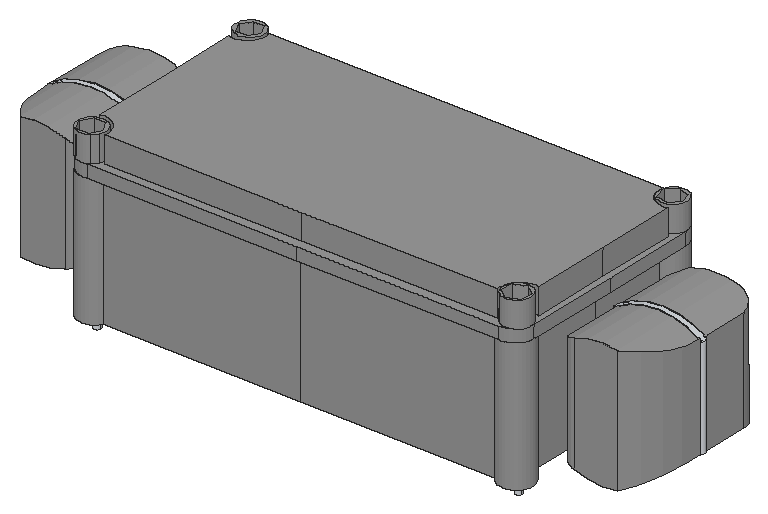
Revit family "LWP2LIFE-PRO-WPPOD-HV-BLK", category Lighting Fixtures, host Face, Revit 2020
Family settings
  Host = Face
  Round Connector Dimension = Use Diameter
  Part Type = Normal
  OmniClass Number = 23.80.70.11.21
  OmniClass Title = Emergency Lighting
  Cut with Voids When Loaded = No
  Light Source = Yes
  Shared = No
  Room Calculation Point = No
Parameters
  built-in parameter 1150107 = 3200 (stored number, unit not read)
  Straight line 'Face two' = no
  Straight line 'Face one' = no
  Straight line = no
  Runing Man common arrow = no
  Wattage = 9.2903 W
  built-in parameter 1150110 = 1 (stored number, unit not read)
  built-in parameter 1150109 = 1 (stored number, unit not read)
  built-in parameter 1114218 = 1 (stored number, unit not read)
  built-in parameter 1150113 = 1 (stored number, unit not read)
  built-in parameter 1150112 = 1 (stored number, unit not read)
  built-in parameter 1150137 = (empty or 0)
  built-in parameter 1150132 = (empty or 0)
  Model = ""
  Material = Clevertronics_White
  built-in parameter 1150105 = 316.49 (stored number, unit not read)
  built-in parameter 1150102 = (empty or 0)
  Dimming Lamp Color Temperature Shift = (empty or 0)
  Lumens = 1380 lm
  Color Filter = 16777215
  Photometric Web File = "CWP2LIFE-PRO-WPPOD_IESR_E_669-3_20180810.ies"
  built-in parameter 1114217 = 1 (stored number, unit not read)
  built-in parameter 1150139 = (empty or 0)
  Manufacturer = "Clevertronics"  # constant formula
  Lamp = "Twin Dual LED (Lifetime warranty on the lamp head and loom assembly)"  # constant formula
  Indication Right 'Face one' = no
  Indication Right = no
  Indication Left 'Face one' = yes
  Indication Left 'Face Two' = no
  Indication Left = yes
  built-in parameter 1150104 = 13.8 (stored number, unit not read)
  built-in parameter 1150106 = 3.1649 (stored number, unit not read)
  built-in parameter 1150115 = 1 (stored number, unit not read)
  built-in parameter 1150114 = 1 (stored number, unit not read)
  Description = "L10 Optimum Lifelight Pro, High Performance, IP66/67 Surface Mounted \r\nEmergency Light with Twin LED Pods, Black\r"  # constant formula
  Default Elevation = 2100 mm
  built-in parameter 1150138 = (empty or 0)
  built-in parameter 1150134 = 3
  Clevertronics_Weight = "3.4kg"  # constant formula
  Clevertronics_Testing System = "Zoneworks XT HIVE (RF)"  # constant formula
  Clevertronics_Replacement Lamp = "2750353"  # constant formula
  Clevertronics_Replacement Battery = "1530050:Battery, L10 3.3V 2500mAh 70mm lead, no Bracket"  # constant formula
  Clevertronics_Product Description = "L10 Optimum Lifelight Pro, High Performance, IP66/67 Surface Mounted \r\nEmergency Light with Twin LED Pods, Black\r"  # constant formula
  Clevertronics_Power Consumption = "0.8 Watts (Standby), 5.5 Watts (Max)"  # constant formula
  Clevertronics_Part Number = "LWP2LIFE-PRO-WPPOD-HV-BLK"  # constant formula
  Clevertronics_Operating Voltage = "240V AC; 50Hz"  # constant formula
  Clevertronics_Operating Temperature = "0˚C to 40˚C"  # constant formula
  Clevertronics_Operating Mode = "Non-maintained"  # constant formula
  Clevertronics_Mounting = "Surface mount"  # constant formula
  Clevertronics_MIC Number = "AUT01820160001\r"  # constant formula
  Clevertronics_IP Rating = "IP65"  # constant formula
  Clevertronics_Dimensions Main Enclosure = "520mm x 180mm x 135mm"  # constant formula
  Clevertronics_Dimensions LED Enclosure = ""
  Clevertronics_Construction = "Polycarbonate"  # constant formula
  Clevertronics_Charger Method = "Intelligent current limited constant voltage"  # constant formula
  Clevertronics_Battery Type = "Lithium Iron Phosphate"  # constant formula
  Clevertronics_Battery = "3.3V 2500mAh"  # constant formula
  Clevertronics_AS2293 Classification = "C0=D160 C90=D160"  # constant formula
  Tilt Angle = -60.00°
  built-in parameter 1150133 = 10 (stored number, unit not read)
Reference planes
  plane 1 "Centre (Front/Back)": y = 0
  plane 2: z = 0
  plane 3 "Centre (Left/Right)": x = 0
  plane 4: x = -260
  plane 5: x = 260
  plane 6: x = -180
  plane 7: x = 180
  plane 8: z = 135
  plane 9: z = 88.893
  plane 10: z = 90.032
  plane 11: z = 90.032
  plane 12: x = -226.351
  plane 13: y = 72.701
  plane 14: x = 226.351
  plane 15: y = 72.701
  plane 16: y = 36.567
  plane 17: y = 36.055
  plane 18: y = 36.055
  plane 19: x = -226.351
  plane 20: z = 62.299
  plane 21: x = 226.351
  plane 22: z = 62.299
Forms (mm)
  Extrusion 1, solid, material "Plastic, Opaque Black", not visible
    sketch origin (0.434, 0, -1.107) x (1, 0, 0) y (0, 0, 1)
      loop
        line (167.5, 90) -> (167.5, 153.759)
        arc (167.5, 153.759) -> (176.678, 174.399) -> (154.099, 173.75) r 13.346
        line (154.099, 173.75) -> (0, 173.75) -> (-157.642, 173.75)
        arc (-157.642, 173.75) -> (-180.146, 174.512) -> (-171.312, 153.801) r 13.346
        line (-171.312, 153.801) -> (-171.312, 90) -> (-171.312, 26.597)
        arc (-171.312, 26.597) -> (-181.17, 6.239) -> (-158.551, 6.25) r 13.346
        line (-158.551, 6.25) -> (0, 6.25) -> (154.099, 6.25)
        arc (154.099, 6.25) -> (176.678, 5.601) -> (167.5, 26.241) r 13.346
        line (167.5, 26.241) -> (167.5, 90)
    from -15.011 to -135
  Extrusion 2, solid, material "Plastic, Opaque Black", not visible
    sketch origin (0.813, 0, -0.543) x (1, 0, 0) y (0, 0, 1)
      loop
        arc (-175.488, 179.053) -> (-180.882, 174.233) -> (-183.423, 167.462) r 15.135
        arc (-183.423, 167.462) -> (-160.983, 160.611) -> (-175.488, 179.053) r 12.295
    from -15.011 to 0
  Extrusion 3, void, not visible
    sketch origin (-0.097, 0, 0.032) x (1, 0, 0) y (0, 0, 1)
      loop
        line (-166.821, 177.777) -> (-177.974, 174.788) -> (-180.963, 163.635) -> (-172.798, 155.47) -> (-161.644, 158.458) -> (-158.656, 169.612) -> (-166.821, 177.777)
    from -15.011 to 0
  Extrusion 4, solid, not visible
    sketch origin (-0.097, 0, 0.032) x (1, 0, 0) y (0, 0, 1)
      loop
        circle (168.404, 167.557) r 2.735
      loop
        circle (-168.404, 167.557) r 2.735
      loop
        circle (-168.404, 12.443) r 2.735
      loop
        circle (168.404, 12.443) r 2.735
    from -143.943 to -121.835
  Extrusion 5, solid, material "Plastic, Opaque Black", not visible
    sketch origin (1.371, 12.5, 0.032) x (0, 1, 0) y (0, 0, -1)
      loop
        circle (59.358, -90) r 11
    from 172.249 to 196.249
  Extrusion 6, solid, material "Plastic, Opaque Black", not visible
    sketch origin (-1.566, 12.5, 0.032) x (0, 1, 0) y (0, 0, 1)
      loop
        circle (59.358, 90) r 11
    from 172.249 to 196.249
  Extrusion 7, solid, material "Plastic, Opaque Black", not visible
    sketch origin (2.403, 135, 0.032) x (1, 0, 0) y (0, 0, -1)
      loop
        line (-182.781, -90) -> (-182.781, -165)
        arc (-182.781, -165) -> (-177.609, -176.393) -> (-165.629, -180) r 15.135
        line (-165.629, -180) -> (0, -180) -> (160.445, -180)
        arc (160.445, -180) -> (172.426, -176.393) -> (177.597, -165) r 15.135
        line (177.597, -165) -> (177.597, -90) -> (177.597, -13.75)
        arc (177.597, -13.75) -> (170.627, -1.006) -> (156.137, 0) r 15.135
        line (156.137, 0) -> (0, 0) -> (-161.321, 0)
        arc (-161.321, 0) -> (-175.811, -1.006) -> (-182.781, -13.75) r 15.135
        line (-182.781, -13.75) -> (-182.781, -90)
    from -119.989 to -108.841
  Extrusion 8, solid, material "Plastic, Opaque Black", not visible
    sketch origin (-0.097, 135, 0.032) x (1, 0, 0) y (0, 0, -1)
      loop
        arc (-175.137, -154.19) -> (-160.832, -158.237) -> (-157.036, -172.61) r 15
        line (-157.036, -172.61) -> (0.531, -172.61) -> (157.036, -172.61)
        arc (157.036, -172.61) -> (160.832, -158.237) -> (175.137, -154.19) r 15
        line (175.137, -154.19) -> (175.137, -90) -> (175.137, -25.81)
        arc (175.137, -25.81) -> (160.832, -21.763) -> (157.036, -7.39) r 15
        line (157.036, -7.39) -> (0.531, -7.39) -> (-157.036, -7.39)
        arc (-157.036, -7.39) -> (-160.832, -21.763) -> (-175.137, -25.81) r 15
        line (-175.137, -25.81) -> (-175.137, -90) -> (-175.137, -154.19)
    from -119.989 to -127.534
  Extrusion 9, solid, material "Plastic, Opaque Black", not visible
    sketch origin (307.03, 135, -15.069) x (1, 0, 0) y (0, 0, -1)
      loop
        circle (-138.804, -182.699) r 11
    from -135 to -114.915
  Extrusion 10, solid, material "Plastic, Opaque Black", not visible
    sketch origin (306.874, 135, 193.571) x (1, 0, 0) y (0, 0, -1)
      loop
        arc (-145.569, 191.608) -> (-147.471, 189.713) -> (-149.008, 187.511) r 15.135
        arc (-149.008, 187.511) -> (-130.225, 175.235) -> (-145.569, 191.608) r 11.3
    from -135 to -114.915
  Extrusion 11, solid, material "Plastic, Opaque Black", not visible
    sketch origin (-307.068, 135, 193.571) x (-1, 0, 0) y (0, 0, 1)
      loop
        arc (-143.85, -191.764) -> (-127.42, -174.478) -> (-147.289, -187.668) r 12
        arc (-147.289, -187.668) -> (-145.752, -189.869) -> (-143.85, -191.764) r 15.135
    from -135 to -114.915
  Extrusion 12, void, not visible
    sketch origin (-0.097, 134.989, 0.032) x (1, 0, 0) y (0, 0, -1)
      loop
        line (-170.288, -22.701) -> (-160.288, -16.928) -> (-160.288, -5.381) -> (-170.288, 0.393) -> (-180.288, -5.381) -> (-180.288, -16.928) -> (-170.288, -22.701)
    from -134.989 to -119.989
  Extrusion 13, void, not visible
    sketch origin (-0.41, 134.989, 0.032) x (1, 0, 0) y (0, 0, -1)
      loop
        line (159.928, -173.668) -> (169.806, -178.066) -> (178.34, -171.865) -> (177.21, -161.112) -> (167.573, -156.821) -> (158.825, -163.177) -> (159.928, -173.668)
    from -135 to -119.989
  Extrusion 14, void, not visible
    sketch origin (-0.41, 135, -0.28) x (1, 0, 0) y (0, 0, -1)
      loop
        line (164.895, -21.167) -> (175.272, -19.338) -> (178.876, -9.435) -> (172.103, -1.363) -> (161.725, -3.193) -> (158.121, -13.095) -> (164.895, -21.167)
    from -135 to -119.989
  Extrusion 15, solid, material "Glass, Matte", not visible
    sketch origin (0.05, 0, -33.75) x (1, 0, 0) y (0, 0, 1)
      loop
        line (-194.841, 112.413) -> (-259.656, 112.413)
        arc (-259.656, 112.413) -> (-254.739, 82.736) -> (-238.501, 57.413) r 74.597
        line (-238.501, 57.413) -> (-203.501, 57.413)
        arc (-203.501, 57.413) -> (-198.345, 58.484) -> (-194.841, 62.413) r 8.399
        line (-194.841, 62.413) -> (-194.841, 112.413)
    from -21.055 to -124.118
  Extrusion 16, solid, not visible
    sketch origin (5.003, 0, -33.75) x (1, 0, 0) y (0, 0, 1)
      loop
        line (-264.82, 112.376) -> (-231.354, 112.376) -> (-197.548, 112.376)
        arc (-197.548, 112.376) -> (-194.969, 114.978) -> (-197.593, 117.534) r 2.579
        line (-197.593, 117.534) -> (-231.354, 117.534) -> (-264.774, 117.534)
        arc (-264.774, 117.534) -> (-267.398, 114.978) -> (-264.82, 112.376) r 2.579
    from -21.055 to -124.118
  Extrusion 17, solid, material "Plastic, Opaque Black", not visible
    sketch origin (-455.196, 0, 195.355) x (-0.999987, 0, -0.005135) y (0.005135, 0, -0.999987)
      loop
        line (-194.841, 112.773) -> (-259.656, 112.773) -> (-259.656, 73.919)
        arc (-259.656, 73.919) -> (-256.152, 64.124) -> (-247.229, 58.775) r 15.441
        line (-247.229, 58.775) -> (-211.129, 58.775)
        arc (-211.129, 58.775) -> (-200.008, 63.146) -> (-194.841, 73.919) r 16.331
        line (-194.841, 73.919) -> (-194.841, 112.773)
    from -21.055 to -124.118
  Extrusion 18, void, not visible
    sketch origin (-0.163, 0.115, 0) x (-1, 0, 0) y (0, -1, 0)
      loop
        line (187.287, -133.323) -> (264.787, -133.323) -> (264.787, -110.324)
        arc (264.787, -110.324) -> (226.037, -123.825) -> (187.287, -110.324) r 62.361
        line (187.287, -110.324) -> (187.287, -133.323)
      loop
        line (187.287, -11.851) -> (187.287, -34.849)
        arc (187.287, -34.849) -> (226.037, -21.348) -> (264.787, -34.849) r 62.361
        line (264.787, -34.849) -> (264.787, -11.851) -> (187.287, -11.851)
    from 0 to 250
  Extrusion 19, solid, material "Glass, Matte", not visible
    sketch origin (-0.05, 0, -33.75) x (-1, 0, 0) y (0, 0, -1)
      loop
        line (-194.841, -112.413) -> (-194.841, -62.413)
        arc (-194.841, -62.413) -> (-198.345, -58.484) -> (-203.501, -57.413) r 8.399
        line (-203.501, -57.413) -> (-238.501, -57.413)
        arc (-238.501, -57.413) -> (-254.739, -82.736) -> (-259.656, -112.413) r 74.597
        line (-259.656, -112.413) -> (-194.841, -112.413)
    from -21.055 to -124.118
  Extrusion 20, solid, not visible
    sketch origin (-5.003, 0, -33.75) x (-1, 0, 0) y (0, 0, -1)
      loop
        arc (-264.82, -112.376) -> (-267.398, -114.978) -> (-264.774, -117.534) r 2.579
        line (-264.774, -117.534) -> (-231.354, -117.534) -> (-197.593, -117.534)
        arc (-197.593, -117.534) -> (-194.969, -114.978) -> (-197.548, -112.376) r 2.579
        line (-197.548, -112.376) -> (-231.354, -112.376) -> (-264.82, -112.376)
    from -21.055 to -124.118
  Extrusion 21, solid, material "Plastic, Opaque Black", not visible
    sketch origin (455.196, 0, 195.355) x (0.999987, 0, -0.005135) y (0.005135, 0, 0.999987)
      loop
        line (-194.841, -112.773) -> (-194.841, -73.919)
        arc (-194.841, -73.919) -> (-200.008, -63.146) -> (-211.129, -58.775) r 16.331
        line (-211.129, -58.775) -> (-247.229, -58.775)
        arc (-247.229, -58.775) -> (-256.152, -64.124) -> (-259.656, -73.919) r 15.441
        line (-259.656, -73.919) -> (-259.656, -112.773) -> (-194.841, -112.773)
    from -21.055 to -124.118
  Extrusion 22, void, not visible
    sketch origin (0.163, 0.115, 0) x (1, 0, 0) y (0, 1, 0)
      loop
        line (187.287, 133.323) -> (187.287, 110.324)
        arc (187.287, 110.324) -> (226.037, 123.825) -> (264.787, 110.324) r 62.361
        line (264.787, 110.324) -> (264.787, 133.323) -> (187.287, 133.323)
      loop
        line (187.287, 11.851) -> (264.787, 11.851) -> (264.787, 34.849)
        arc (264.787, 34.849) -> (226.037, 21.348) -> (187.287, 34.849) r 62.361
        line (187.287, 34.849) -> (187.287, 11.851)
    from 0 to 250
  Extrusion 23, solid, material "Laminate, Black"
    sketch origin (0.434, -53.433, 135) x (1, 0, 0) y (0, 1, 0)
      loop
        line (167.5, 90) -> (167.5, 153.759)
        arc (167.5, 153.759) -> (176.678, 174.399) -> (154.099, 173.75) r 13.346
        line (154.099, 173.75) -> (0, 173.75) -> (-157.642, 173.75)
        arc (-157.642, 173.75) -> (-180.146, 174.512) -> (-171.312, 153.801) r 13.346
        line (-171.312, 153.801) -> (-171.312, 90) -> (-171.312, 26.597)
        arc (-171.312, 26.597) -> (-181.17, 6.239) -> (-158.551, 6.25) r 13.346
        line (-158.551, 6.25) -> (0, 6.25) -> (154.831, 6.25)
        arc (154.831, 6.25) -> (177.612, 5.91) -> (167.5, 26.326) r 13.346
        line (167.5, 26.326) -> (167.5, 90)
    from -30 to -135
  Extrusion 24, solid
    sketch origin (-0.097, -52.294, 135) x (1, 0, 0) y (0, 1, 0)
      loop
        circle (168.404, 167.557) r 2.735
      loop
        circle (-168.404, 167.557) r 2.735
      loop
        circle (-168.404, 12.443) r 2.735
      loop
        circle (168.404, 12.443) r 2.735
    from -143.943 to -130
  Extrusion 25, solid, material "Laminate, Black"
    sketch origin (1.371, -52.294, 122.5) x (0, 0, -1) y (0, -1, 0)
      loop
        circle (59.358, -90) r 11
    from 172.249 to 196.249
  Extrusion 26, solid, material "Laminate, Black"
    sketch origin (-1.566, -52.294, 122.5) x (0, 0, -1) y (0, 1, 0)
      loop
        circle (59.358, 90) r 11
    from 172.249 to 196.249
  Extrusion 27, solid, material "Laminate, Black"
    sketch origin (2.343, 126.055, 246.281) x (1, 0, 0) y (0, 1, 0)
      loop
        line (-185.208, -90) -> (-185.208, -165)
        arc (-185.208, -165) -> (-180.037, -176.393) -> (-168.056, -180) r 15.135
        line (-168.056, -180) -> (0, -180) -> (160.445, -180)
        arc (160.445, -180) -> (172.426, -176.393) -> (177.597, -165) r 15.135
        line (177.597, -165) -> (177.597, -90) -> (177.597, -13.75)
        arc (177.597, -13.75) -> (170.627, -1.006) -> (156.137, 0) r 15.135
        line (156.137, 0) -> (0, 0) -> (-163.748, 0)
        arc (-163.748, 0) -> (-178.239, -1.006) -> (-185.208, -13.75) r 15.135
        line (-185.208, -13.75) -> (-185.208, -90)
    from -131.343 to -141.343
  Extrusion 28, solid, material "Laminate, Black"
    sketch origin (-0.157, 126.055, 251.281) x (1, 0, 0) y (0, 1, 0)
      loop
        arc (-175.137, -154.19) -> (-160.832, -158.237) -> (-157.036, -172.61) r 15
        line (-157.036, -172.61) -> (0.531, -172.61) -> (157.036, -172.61)
        arc (157.036, -172.61) -> (160.832, -158.237) -> (175.137, -154.19) r 15
        line (175.137, -154.19) -> (175.137, -90) -> (175.137, -25.81)
        arc (175.137, -25.81) -> (160.832, -21.763) -> (157.036, -7.39) r 15
        line (157.036, -7.39) -> (0.531, -7.39) -> (-157.036, -7.39)
        arc (-157.036, -7.39) -> (-160.832, -21.763) -> (-175.137, -25.81) r 15
        line (-175.137, -25.81) -> (-175.137, -90) -> (-175.137, -154.19)
    from -115.903 to -136.343
  Extrusion 29, solid, material "Laminate, Black"
    sketch origin (306.784, -67.806, 258.781) x (1, 0, 0) y (0, 1, 0)
      loop
        arc (-145.569, 191.608) -> (-147.471, 189.713) -> (-149.008, 187.511) r 15.135
        arc (-149.008, 187.511) -> (-130.225, 175.235) -> (-145.569, 191.608) r 11.3
    from -143.843 to -123.403
  Extrusion 30, solid, material "opaque"
    sketch origin (0.05, -86.076, 135) x (1, 0, 0) y (0, 1, 0)
      loop
        line (-194.841, 112.413) -> (-259.656, 112.413)
        arc (-259.656, 112.413) -> (-254.739, 82.736) -> (-238.501, 57.413) r 74.597
        line (-238.501, 57.413) -> (-203.501, 57.413)
        arc (-203.501, 57.413) -> (-198.345, 58.484) -> (-194.841, 62.413) r 8.399
        line (-194.841, 62.413) -> (-194.841, 112.413)
    from -21.055 to -124.118
  Extrusion 31, solid
    sketch origin (5.003, -86.076, 135) x (1, 0, 0) y (0, 1, 0)
      loop
        line (-264.82, 112.376) -> (-231.354, 112.376) -> (-197.548, 112.376)
        arc (-197.548, 112.376) -> (-194.969, 114.978) -> (-197.593, 117.534) r 2.579
        line (-197.593, 117.534) -> (-231.354, 117.534) -> (-264.774, 117.534)
        arc (-264.774, 117.534) -> (-267.398, 114.978) -> (-264.82, 112.376) r 2.579
    from -21.055 to -124.118
  Extrusion 32, solid, material "Laminate, Black"
    sketch origin (-455.196, 143.029, 135) x (-0.999987, -0.005135, 0) y (0.005135, -0.999987, 0)
      loop
        line (-194.841, 112.773) -> (-259.656, 112.773) -> (-259.656, 73.919)
        arc (-259.656, 73.919) -> (-256.152, 64.124) -> (-247.229, 58.775) r 15.441
        line (-247.229, 58.775) -> (-211.129, 58.775)
        arc (-211.129, 58.775) -> (-200.008, 63.146) -> (-194.841, 73.919) r 16.331
        line (-194.841, 73.919) -> (-194.841, 112.773)
    from -21.055 to -124.118
  Extrusion 33, void
    sketch origin (-0.163, -52.326, 134.885) x (-1, 0, 0) y (0, 0, 1)
      loop
        line (187.287, -133.323) -> (264.787, -133.323) -> (264.787, -110.324)
        arc (264.787, -110.324) -> (226.037, -123.825) -> (187.287, -110.324) r 62.361
        line (187.287, -110.324) -> (187.287, -133.323)
      loop
        line (187.287, -11.851) -> (187.287, -34.849)
        arc (187.287, -34.849) -> (226.037, -21.348) -> (264.787, -34.849) r 62.361
        line (264.787, -34.849) -> (264.787, -11.851) -> (187.287, -11.851)
    from 0 to 250
  Extrusion 34, solid, material "opaque"
    sketch origin (-0.05, -86.076, 135) x (-1, 0, 0) y (0, -1, 0)
      loop
        line (-194.841, -112.413) -> (-194.841, -62.413)
        arc (-194.841, -62.413) -> (-198.345, -58.484) -> (-203.501, -57.413) r 8.399
        line (-203.501, -57.413) -> (-238.501, -57.413)
        arc (-238.501, -57.413) -> (-254.739, -82.736) -> (-259.656, -112.413) r 74.597
        line (-259.656, -112.413) -> (-194.841, -112.413)
    from -21.055 to -124.118
  Extrusion 35, solid
    sketch origin (-5.003, -86.076, 135) x (-1, 0, 0) y (0, -1, 0)
      loop
        arc (-264.82, -112.376) -> (-267.398, -114.978) -> (-264.774, -117.534) r 2.579
        line (-264.774, -117.534) -> (-231.354, -117.534) -> (-197.593, -117.534)
        arc (-197.593, -117.534) -> (-194.969, -114.978) -> (-197.548, -112.376) r 2.579
        line (-197.548, -112.376) -> (-231.354, -112.376) -> (-264.82, -112.376)
    from -21.055 to -124.118
  Extrusion 36, solid, material "Laminate, Black"
    sketch origin (455.196, 143.029, 135) x (0.999987, -0.005135, 0) y (0.005135, 0.999987, 0)
      loop
        line (-194.841, -112.773) -> (-194.841, -73.919)
        arc (-194.841, -73.919) -> (-200.008, -63.146) -> (-211.129, -58.775) r 16.331
        line (-211.129, -58.775) -> (-247.229, -58.775)
        arc (-247.229, -58.775) -> (-256.152, -64.124) -> (-259.656, -73.919) r 15.441
        line (-259.656, -73.919) -> (-259.656, -112.773) -> (-194.841, -112.773)
    from -21.055 to -124.118
  Extrusion 37, void
    sketch origin (0.163, -52.326, 134.885) x (1, 0, 0) y (0, 0, -1)
      loop
        line (187.287, 133.323) -> (187.287, 110.324)
        arc (187.287, 110.324) -> (226.037, 123.825) -> (264.787, 110.324) r 62.361
        line (264.787, 110.324) -> (264.787, 133.323) -> (187.287, 133.323)
      loop
        line (187.287, 11.851) -> (264.787, 11.851) -> (264.787, 34.849)
        arc (264.787, 34.849) -> (226.037, 21.348) -> (187.287, 34.849) r 62.361
        line (187.287, 34.849) -> (187.287, 11.851)
    from 0 to 250
  Extrusion 38, solid, material "Laminate, Black"
    sketch origin (-309.716, -66.712, 251.281) x (-1, 0, 0) y (0, -1, 0)
      loop
        arc (-145.569, -191.608) -> (-130.225, -175.235) -> (-149.008, -187.511) r 11.3
        arc (-149.008, -187.511) -> (-147.471, -189.713) -> (-145.569, -191.608) r 15.135
    from -136.343 to -115.903
  Extrusion 39, solid, material "Laminate, Black"
    sketch origin (-309.56, 140.071, 251.281) x (-1, 0, 0) y (0, -1, 0)
      loop
        arc (-145.569, 191.608) -> (-147.471, 189.713) -> (-149.008, 187.511) r 15.135
        arc (-149.008, 187.511) -> (-130.225, 175.235) -> (-145.569, 191.608) r 11.3
    from -136.343 to -115.903
  Extrusion 40, solid, material "Laminate, Black"
    sketch origin (307.097, 141.165, 258.781) x (1, 0, 0) y (0, 1, 0)
      loop
        arc (-145.569, -191.608) -> (-130.225, -175.235) -> (-149.008, -187.511) r 11.3
        arc (-149.008, -187.511) -> (-147.471, -189.713) -> (-145.569, -191.608) r 15.135
    from -143.843 to -123.403
  Extrusion 41, void
    sketch origin (0.565, 0.625, -15.061) x (1, 0, 0) y (0, 1, 0)
      loop
        line (-166.454, 123.546) -> (-176.018, 123.546) -> (-180.8, 115.263) -> (-176.018, 106.98) -> (-166.454, 106.98) -> (-161.672, 115.263) -> (-166.454, 123.546)
    from 131.308 to 163.58
  Extrusion 42, void
    sketch origin (-0.528, -0.469, -7.561) x (1, 0, 0) y (0, 1, 0)
      loop
        line (158.746, 117.974) -> (161.332, 108.322) -> (170.983, 105.736) -> (178.048, 112.801) -> (175.462, 122.453) -> (165.811, 125.039) -> (158.746, 117.974)
    from 131.308 to 151.428
  Extrusion 43, void
    sketch origin (0.565, 0.938, -7.561) x (1, 0, 0) y (0, 1, 0)
      loop
        line (168.253, -32.155) -> (158.919, -36.507) -> (158.021, -46.767) -> (166.458, -52.675) -> (175.792, -48.322) -> (176.69, -38.062) -> (168.253, -32.155)
    from 131.308 to 156.891
  Extrusion 44, void
    sketch origin (-3.185, -1.771, -15.061) x (1, 0, 0) y (0, 1, 0)
      loop
        line (-172.955, -32.144) -> (-177.959, -40.812) -> (-172.955, -49.479) -> (-162.947, -49.479) -> (-157.943, -40.812) -> (-162.947, -32.144) -> (-172.955, -32.144)
    from 131.308 to 151.428
Cuts and joins
  Extrusion 33 cuts Extrusion 30
  Extrusion 33 cuts Extrusion 31
  Extrusion 33 cuts Extrusion 32
  Extrusion 37 cuts Extrusion 34
  Extrusion 37 cuts Extrusion 35
  Extrusion 37 cuts Extrusion 36
  Extrusion 41 cuts Extrusion 38
  Extrusion 42 cuts Extrusion 29
  Extrusion 43 cuts Extrusion 40
  Extrusion 44 cuts Extrusion 39
Dimensions and locks
  plane 5 to plane 4 = 520 mm
  plane 8 to level = 135 mm  (x2)
  plane 5 to plane 3 "Centre (Left/Right)" to plane 4 = 260 mm, 260 mm
  plane 6 to plane 4 = 80 mm
  plane 5 to plane 7 = 80 mm
  plane 4 to plane 5 = 520 mm
  Extrusion 27 to Extrusion 27 = 180 mm
  aligned and locked: plane 2 to host face
  aligned and locked: level to host face
Connectors
  electrical at (-1.125, 36.607, 0)
    settings: on Extrusion 23, index 1, voltage 0 V, apparent load 0 VA, apparent load phase1 0 VA, apparent load phase2 0 VA, apparent load phase3 0 VA, power factor 1, load classification "Autre", number of poles 1, system type 31, power factor state 1, is connector primary yes, connector utility no, sub classification motor no, connector description ""
